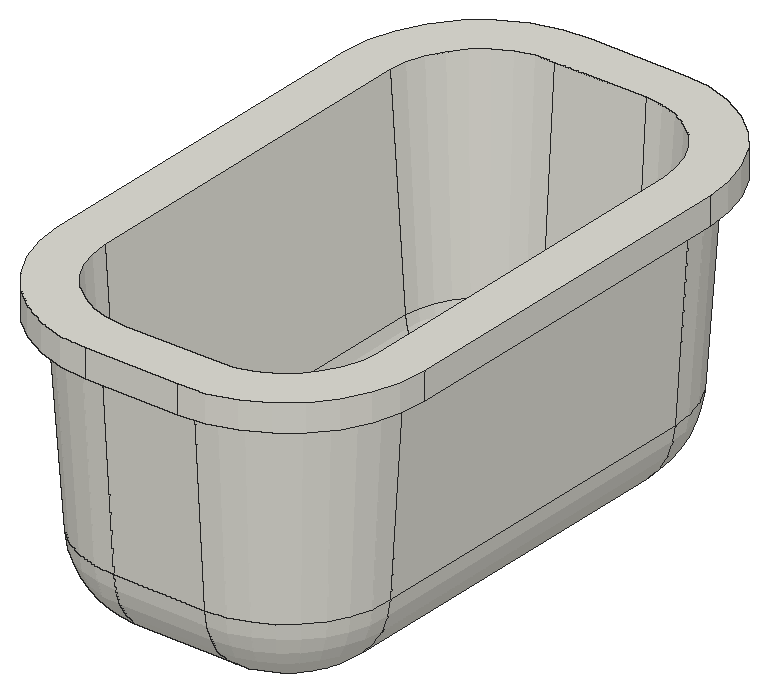
Revit family "Sink-Corian-European-Sweet-857", category Plumbing Fixtures, host Face, Revit 2015
Parameters (values of type "857")
  Width = 202 mm
  WFU = 0
  Version = "2015- v1.0a"  # constant formula
  URL = "http://www.corian.uk/"
  Sink Colors Available = "Bone, Cameo White, Designer White, Glacier White, Vanilla"
  Product Page URL = "http://www.corian.uk/-kitchen-sinks-"
  Model = "Sweet 857"  # constant formula
  Manufacturer = "DuPont"  # constant formula
  Length = 348 mm
  Interior Width = 152 mm
  Interior Length = 298 mm
  Interior Depth = 145 mm
  HWFU = 0
  Finish = Solid Surface Sink - DuPont - Bone
  Description = "Kitchen Sink Europe Specification"  # constant formula
  Depth = 160 mm
  Default Elevation = 1219.2 mm
  Cost = 0
  CWFU = 0
Reference planes
  plane 1 "Center (Front/Back)": y = 0
  plane 2: z = 0
  plane 3 "Center (Left/Right)": x = 0
  plane 4: y = 174
  plane 5: y = -174
  plane 6: x = -101
  plane 7: x = 101
  plane 8: z = -157
  plane 9: x = -76
  plane 10: x = 76
  plane 11: y = 149
  plane 12: y = -149
  plane 13 "NAME": z = -12
  plane 14: z = -172
Forms (mm)
  Extrusion 1, void
    sketch origin (0, 0, 0) x (1, 0, 0) y (0, 1, 0)
      loop
        line (25.2, 148.375) -> (-25.2, 148.375)
        arc (-25.2, 148.375) -> (-60.679, 133.679) -> (-75.375, 98.2) r 50.175
        line (-75.375, 98.2) -> (-75.375, -98.2)
        arc (-75.375, -98.2) -> (-60.679, -133.679) -> (-25.2, -148.375) r 50.175
        line (-25.2, -148.375) -> (25.2, -148.375)
        arc (25.2, -148.375) -> (60.679, -133.679) -> (75.375, -98.2) r 50.175
        line (75.375, -98.2) -> (75.375, 98.2)
        arc (75.375, 98.2) -> (60.679, 133.679) -> (25.2, 148.375) r 50.175
    from -172 to 0
  Sweep 2, solid, material "Solid Surface Sink - DuPont - Bone" <- "Finish"
    path origin (-322.065, -4572, -12) x (-1, 0, 0) y (0, -1, 0)
      loop
        arc (-296.865, -4721) -> (-260.944, -4706.121) -> (-246.065, -4670.2) r 50.8
        line (-246.065, -4670.2) -> (-246.065, -4473.8)
        arc (-246.065, -4473.8) -> (-260.944, -4437.879) -> (-296.865, -4423) r 50.8
        line (-296.865, -4423) -> (-347.265, -4423)
        arc (-347.265, -4423) -> (-383.186, -4437.879) -> (-398.065, -4473.8) r 50.8
        line (-398.065, -4473.8) -> (-398.065, -4670.2)
        arc (-398.065, -4670.2) -> (-383.186, -4706.121) -> (-347.265, -4721) r 50.8
        line (-347.265, -4721) -> (-296.865, -4721)
    profile origin (0, 149, -12) x (0, 1, 0) y (0, 0, 1)
      loop
        line (-0.625, 0) -> (-8.906, -117.985)
        arc (-8.906, -117.985) -> (-13.4, -133.151) -> (-23.879, -145) r 36.568
        line (-23.879, -145) -> (-23.879, -160)
        arc (-23.879, -160) -> (-3.046, -144.391) -> (6.021, -119.99) r 46.135
        line (6.021, -119.99) -> (12.969, -20.582)
        arc (12.969, -20.582) -> (14.745, -16.622) -> (18.77, -15) r 5.805
        line (18.77, -15) -> (25, -15) -> (25, 0) -> (-0.625, 0)
  Extrusion 3, void, detail levels medium+fine
    sketch origin (-322.065, -4572, -12) x (0, -1, 0) y (-1, 0, 0)
      loop
        circle (-4572, -322.065) r 45
    from 145 to 160
  Extrusion 4, solid, material "Solid Surface Sink - DuPont - Bone" <- "Finish"
    sketch origin (-322.065, -4572, -12) x (-1, 0, 0) y (0, -1, 0)
      loop
        line (-269.944, -4670.2) -> (-269.944, -4473.8)
        arc (-269.944, -4473.8) -> (-277.829, -4454.764) -> (-296.865, -4446.879) r 26.921
        line (-296.865, -4446.879) -> (-347.265, -4446.879)
        arc (-347.265, -4446.879) -> (-366.301, -4454.764) -> (-374.186, -4473.8) r 26.921
        line (-374.186, -4473.8) -> (-374.186, -4670.2)
        arc (-374.186, -4670.2) -> (-366.301, -4689.236) -> (-347.265, -4697.121) r 26.921
        line (-347.265, -4697.121) -> (-296.865, -4697.121)
        arc (-296.865, -4697.121) -> (-277.829, -4689.236) -> (-269.944, -4670.2) r 26.921
    from -160 to -145
Cuts and joins
  Extrusion 3 cuts Extrusion 4
Lines and regions (mm)
  Masking region 1, detail levels medium+fine
    outline origin (-322.065, -4572, -12) x (-1, 0, 0) y (0, -1, 0)
      loop
        circle (-322.065, -4572) r 45
  Masking region 2
    outline origin (0, 0, 0) x (1, 0, 0) y (0, 1, 0)
      loop
        line (25.2, 148.375) -> (-25.2, 148.375)
        arc (-25.2, 148.375) -> (-60.679, 133.679) -> (-75.375, 98.2) r 50.175
        line (-75.375, 98.2) -> (-75.375, -98.2)
        arc (-75.375, -98.2) -> (-60.679, -133.679) -> (-25.2, -148.375) r 50.175
        line (-25.2, -148.375) -> (25.2, -148.375)
        arc (25.2, -148.375) -> (60.679, -133.679) -> (75.375, -98.2) r 50.175
        line (75.375, -98.2) -> (75.375, 98.2)
        arc (75.375, 98.2) -> (60.679, 133.679) -> (25.2, 148.375) r 50.175
  Masking region 3, detail levels fine
    outline origin (0, 0, 0) x (1, 0, 0) y (0, 1, 0)
      loop
        line (25.2, 125.121) -> (-25.2, 125.121)
        arc (-25.2, 125.121) -> (-44.236, 117.236) -> (-52.121, 98.2) r 26.921
        line (-52.121, 98.2) -> (-52.121, -98.2)
        arc (-52.121, -98.2) -> (-44.236, -117.236) -> (-25.2, -125.121) r 26.921
        line (-25.2, -125.121) -> (25.2, -125.121)
        arc (25.2, -125.121) -> (44.236, -117.236) -> (52.121, -98.2) r 26.921
        line (52.121, -98.2) -> (52.121, 98.2)
        arc (52.121, 98.2) -> (44.236, 117.236) -> (25.2, 125.121) r 26.921
Dimensions and locks
  equal spacing: plane 4, plane 1 "Center (Front/Back)", plane 5
  equal spacing: plane 6, plane 3 "Center (Left/Right)", plane 7
  "Length": plane 4 to plane 5
  "Width": plane 6 to plane 7
  equal spacing: plane 9, plane 3 "Center (Left/Right)", plane 10
  equal spacing: plane 11, plane 1 "Center (Front/Back)", plane 12
  "Interior Width": plane 9 to plane 10
  "Interior Length": plane 11 to plane 12
  locked: plane 2 to plane 13 "NAME" at 12
  "Interior Depth": plane 13 "NAME" to plane 8
  plane 9 to Sweep 2 sketch curve to Sweep 2 sketch curve = 50.8 mm locked, 0 mm locked
  Sweep 2 sketch curve to Sweep 2 sketch curve to plane 10 = 0 mm locked, 50.8 mm locked
  plane 11 to Sweep 2 sketch curve to Sweep 2 sketch curve = 50.8 mm locked, 0 mm locked
  Sweep 2 sketch curve to Sweep 2 sketch curve to plane 12 = 0 mm locked, 50.8 mm locked
  plane 13 "NAME" to Sweep 2 sketch curve to Sweep 2 sketch curve = 15 mm locked, 5.582 mm locked
  plane 4 to Extrusion 4 sketch curve to Extrusion 4 sketch curve to Extrusion 4 sketch curve = 48.879 mm locked, 26.921 mm locked, 0 mm locked
  Extrusion 4 sketch curve to Extrusion 4 sketch curve to Extrusion 4 sketch curve to plane 5 = 0 mm locked, 26.921 mm locked, 48.879 mm locked
  Extrusion 4 sketch curve to Extrusion 4 sketch curve to Extrusion 4 sketch curve to plane 7 = 0 mm locked, 26.921 mm locked, 48.879 mm locked
  plane 6 to Extrusion 4 sketch curve to Extrusion 4 sketch curve to Extrusion 4 sketch curve = 48.879 mm locked, 26.921 mm locked, 0 mm locked
  "Depth": plane 13 "NAME" to plane 14
  Sweep 2 sketch curve to Sweep 2 sketch curve to Sweep 2 sketch curve to plane 11 to Sweep 2 sketch curve to Sweep 2 sketch curve to Sweep 2 sketch curve = 5.801 mm locked, 6.948 mm locked, 6.021 mm locked, 0.625 mm locked, 8.281 mm locked, 14.973 mm locked
  Sweep 2 sketch curve to Sweep 2 sketch curve to plane 8 to Sweep 2 sketch curve to Sweep 2 sketch curve = 2.006 mm locked, 25.01 mm locked, 0 mm locked, 15 mm locked
  Extrusion 1 sketch curve to Extrusion 1 sketch curve to Extrusion 1 sketch curve to plane 12 = 0 mm locked, 50.175 mm locked, 0.625 mm locked
  plane 11 to Extrusion 1 sketch curve to Extrusion 1 sketch curve to Extrusion 1 sketch curve = 0.625 mm locked, 50.175 mm locked, 0 mm locked
  Extrusion 1 sketch curve to Extrusion 1 sketch curve to Extrusion 1 sketch curve to plane 10 = 0 mm locked, 50.175 mm locked, 0.625 mm locked
  plane 9 to Extrusion 1 sketch curve to Extrusion 1 sketch curve to Extrusion 1 sketch curve = 0.625 mm locked, 50.175 mm locked, 0 mm locked
  diameter of Extrusion 3 sketch curve = 90 mm
  aligned and locked: plane 2 to host face
  aligned and locked: level to host face
  aligned and locked: level to Extrusion 1
  aligned and locked: plane 13 "NAME" to Sweep 2 sketch curve  (x2)
  aligned and locked: Sweep 2 sketch curve to plane 11
  aligned and locked: plane 12 to Sweep 2 sketch curve
  aligned and locked: plane 9 to Sweep 2 sketch curve
  aligned and locked: Sweep 2 sketch curve to plane 10
  aligned and locked: plane 3 "Center (Left/Right)" to Extrusion 3 sketch curve
  aligned and locked: plane 4 to Sweep 2 sketch curve
  aligned and locked: Masking region 1 sketch curve to cut or joined group of Extrusion 3, Extrusion 4  (x2)
  aligned and locked: plane 1 "Center (Front/Back)" to Extrusion 3 sketch curve
  aligned and locked: Extrusion 3 to plane 14
  aligned and locked: plane 8 to Extrusion 3
  aligned and locked: cut or joined group of Extrusion 3, Extrusion 4 to plane 14
  aligned and locked: Extrusion 1 to plane 14
Automatic sketch dimensions
  host sketch curve to host sketch curve = 2438.4 mm  (x2)
  Sweep 2 sketch curve to Sweep 2 sketch curve = 1.349 mm
  Sweep 2 sketch curve to Sweep 2 sketch curve = 1.211 mm
  plane 9 to Masking region 3 sketch curve = 23.879 mm
  Masking region 3 sketch curve to plane 3 "Center (Left/Right)" = 25.2 mm  (x2)
  plane 3 "Center (Left/Right)" to Masking region 3 sketch curve = 25.2 mm  (x2)
  Masking region 3 sketch curve to plane 10 = 23.879 mm
  plane 12 to Masking region 3 sketch curve = 23.879 mm
  Masking region 3 sketch curve to plane 11 = 50.8 mm
  plane 9 to Masking region 2 sketch curve = 0.625 mm
  plane 12 to Masking region 2 sketch curve = 0.625 mm
  Masking region 2 sketch curve to plane 3 "Center (Left/Right)" = 25.2 mm  (x2)
  Masking region 2 sketch curve to plane 11 = 0.625 mm
  plane 3 "Center (Left/Right)" to Masking region 2 sketch curve = 25.2 mm  (x2)
  Masking region 2 sketch curve to plane 10 = 0.625 mm
Connectors
  piping at (0, 0, -172), diameter 90
    settings: on cut or joined group of Extrusion 3, Extrusion 4, index 1, connector inside diameter 24", connector length 0 mm, flow factor 0, pipe flow 0 GPM, pressure drop 0.00 psi, fitting loss kfactor 0, connector angle 0.00°, fixture units 0, engagement length 0 mm, angle of deflection 0.00°, flow configuration 0, flow direction 2, fitting loss method 0, system type 16, joint type 0, gender type 0, connector reference index -1, connector utility 0, adjustable connector no, is connector primary yes, connector description "Drain"
